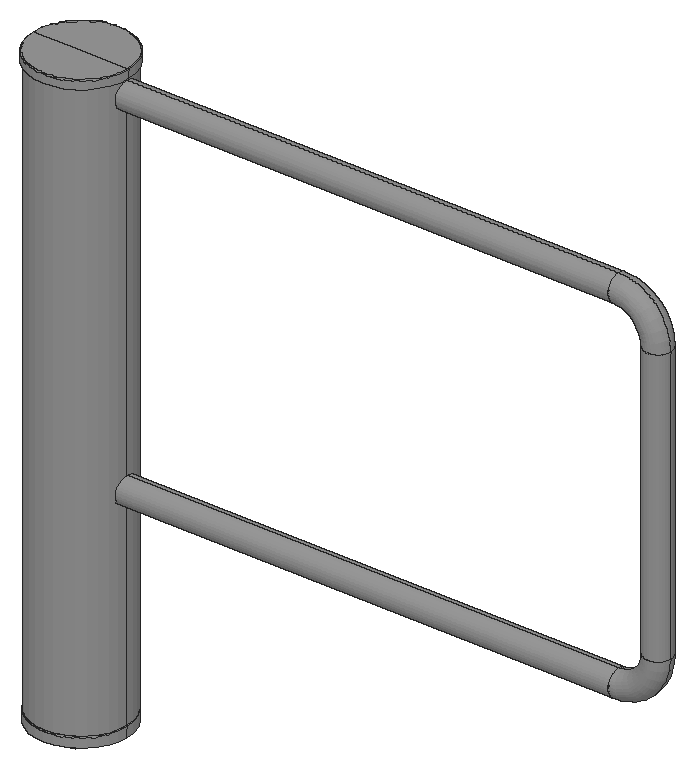
Revit family "Charon HSD-E01", category Türen, Revit 2016
Family settings
  Arbeitsebenenbasiert = Nein
  Immer vertikal = Ja
  Beim Laden mit Abzugskörper schneiden = Nein
  Gemeinsam genutzt = Nein
  Raumberechnungspunkt = Nein
Parameters (values of type "Charon HSD-E01 900")
  Youtube clip = ""
  YearOfConstruction = ""
  Uniformat II Description = ""
  Uniformat II Code = ""
  Uniclass 2015 Name = ""
  Uniclass 2015 Code = ""
  Uniclass 2.0 Description = ""
  Uniclass 2.0 Code = ""
  Uniclass 1.4 Description = ""
  Uniclass 1.4 Code = ""
  URL = "http://www.kaba.com/physical-access-systems/en/solutions/1092424/swing-doors.html"
  UNSPSC Code = ""
  Type = "Charon HSD-E01"
  Technical description = "http://www.kaba.com/physical-access-systems/media/867268/v7/File/product-brochure-hsd-pgb-and-crp.pdf"
  StandardUsed = "1"
  Product certification = ""
  Product SKU = "Charon_HSD-E01"
  OmniClass Description = ""
  OmniClass Code = ""
  Nominal width = 970
  Nominal height = 900
  NBS Reference Description = ""
  NBS Reference Code = ""
  Material secondary = ""
  Material main = "Metal"
  Masterformat 2014 Description = ""
  Masterformat 2014 Code = ""
  Manufacturer name = "DORMA"
  Manufacturer country = "Germany"
  Manufacturer = "Kaba GmbH"
  Installation instructions = ""
  IFC Classification = ""
  HasGlass = no
  Edition number = 1
  EAN code = ""
  Design country = "Germany"
  Date of publishing = "1/16/2017"
  COBIe Type Category = ""
  BarrierHeight = 900 mm
  Analytische Konstruktion = "<Keine Auswahl>"
  AccessWidth = 900 mm
Types (3, lengths in mm): name | HasGlass | BarrierHeight | AccessWidth
  Charon HSD-E01 900 | no | 900 | 900
  Charon HSD-E01 1000 | yes | 1000 | 900
  Charon HSD-E01 1100 | yes | 1100 | 1000
Reference planes
  plane 1 "Mitte (Vorne/Hinten)": y = 0
  plane 2: z = 0
  plane 3 "Mitte (Links/Rechts)": x = 0
  plane 4: z = 340
  plane 5 "Barriere": z = 880
  plane 6: x = 880
  plane 7: z = 900
  plane 8: x = 900
Forms (mm)
  Revolve 1, solid, material "1.4401 - A4"
    sketch origin (0, 0, 0) x (1, 0, 0) y (0, 0, 1)
      loop
        line (0, 916) -> (-72, 916)
        arc (-72, 916) -> (-72.707, 915.707) -> (-73, 915) r 1
        line (-73, 915) -> (-73, 903) -> (-70, 903) -> (-70, 18) -> (-65, 18) -> (-65, 17) -> (-69.5, 17)
        arc (-69.5, 17) -> (-70.207, 16.707) -> (-70.5, 16) r 1
        line (-70.5, 16) -> (-70.5, 1.5) -> (-68, 1.5) -> (-68, 0) -> (0, 0) -> (0, 916)
      axis (0, 0) -> (0, 916)
    angle from 0 to 360
  Sweep 2, solid, material "1.4401 - A4"
    path origin (0, 0, 0) x (1, 0, 0) y (0, 0, 1)
      loop
        line (65, 880) -> (820, 880)
        arc (820, 880) -> (862.426, 862.426) -> (880, 820) r 60
        line (880, 820) -> (880, 400)
        arc (880, 400) -> (862.426, 357.574) -> (820, 340) r 60
        line (820, 340) -> (65, 340)
    profile origin (820, 0, 880) x (0, 0, -1) y (0, -1, 0)
      loop
        circle (0, 0) r 20
  Extrusion 3, solid, visible <- "HasGlass"
    sketch origin (0, 0, 0) x (1, 0, 0) y (0, 0, 1)
      loop
        line (815, 857.5) -> (115, 857.5) -> (115, 362.5) -> (815, 362.5) -> (815, 857.5)
    from -3 to 3
  Sweep 4, solid, material "Zellkautschuk - EPDM", visible <- "HasGlass"
    path in 3D
      loop
        line (115, -3, 362.5) -> (815, -3, 362.5)
    profile origin (465, -3, 362.5) x (0, -1, 0) y (0, 0, -1)
      loop
        arc (6.682, 5) -> (-3, 2.5) -> (-12.682, 5) r 20
        line (-12.682, 5) -> (-6, -2) -> (-6, 0) -> (0, 0) -> (0, -2) -> (6.682, 5)
  Sweep 5, solid, material "Zellkautschuk - EPDM", visible <- "HasGlass"
    path in 3D
      loop
        line (815, -3, 857.5) -> (115, -3, 857.5)
    profile origin (465, -3, 857.5) x (0, -1, 0) y (0, 0, 1)
      loop
        line (-12.682, 5) -> (-6, -2) -> (-6, 0) -> (0, 0) -> (0, -2) -> (6.682, 5)
        arc (6.682, 5) -> (-3, 2.5) -> (-12.682, 5) r 20
  Extrusion 6, solid, material "Vorgabe", visible <- "HasGlass"
    sketch origin (0, 0, 0) x (1, 0, 0) y (0, 0, 1)
      loop
        line (730.2, 403.45) -> (730.2, 395.45) -> (732.39, 395.45) -> (734.59, 397.893) -> (736.79, 395.45) -> (739.836, 395.45) -> (742.939, 401.41) -> (745, 397.45) -> (741.441, 397.45) -> (740.4, 395.45) -> (757.8, 395.45) -> (760.829, 401.269) -> (762.817, 397.45) -> (759.405, 397.45) -> (758.364, 395.45) -> (766, 395.45) -> (761.835, 403.45) -> (759.823, 403.45) -> (756.656, 397.367) -> (754.038, 399.45) -> (756.6, 401.488) -> (756.6, 403.45) -> (747.2, 403.45) -> (747.2, 397.339) -> (744.019, 403.45) -> (741.859, 403.45) -> (738.398, 396.802) -> (736.003, 399.463) -> (739.593, 403.45) -> (736.902, 403.45) -> (732.4, 398.45) -> (732.4, 403.45) -> (730.2, 403.45)
      loop
        line (749.4, 401.45) -> (749.4, 397.45) -> (753.5, 397.45) -> (750.986, 399.45) -> (753.5, 401.45) -> (749.4, 401.45)
      loop
        circle (765.004, 402.489) r 0.963
    from -0.1 to 0.1
Lines and regions (mm)
  sketch lines
    curve 1: line (115, -3, 362.5) -> (815, -3, 362.5)
    curve 2: line (815, -3, 857.5) -> (115, -3, 857.5)
Dimensions and locks
  locked: Extrusion 3 sketch curve to plane 5 "Barriere" at 22.5
  locked: plane 4 to Extrusion 3 sketch curve at 22.5
  locked: plane 2 to plane 4 at 340
  "BarrierHeight": plane 2 to plane 7
  locked: plane 5 "Barriere" to plane 7 at 20
  plane 8 to plane 6 to plane 3 "Mitte (Links/Rechts)" = 20 mm, 880 mm
  plane 4 to plane 5 "Barriere" = 540 mm
  "AccessWidth": plane 3 "Mitte (Links/Rechts)" to plane 8
  aligned and locked: level to plane 2
  aligned and locked: Sweep 5 sketch curve to Sweep 2
Automatic sketch dimensions
  Revolve 1 sketch curve to level = 0 mm
  Revolve 1 sketch curve to plane 3 "Mitte (Links/Rechts)" = 0 mm  (x2)
  level to Revolve 1 sketch curve = 17 mm
  Revolve 1 sketch curve to plane 3 "Mitte (Links/Rechts)" = 65 mm
  level to Revolve 1 sketch curve = 1.5 mm
  Revolve 1 sketch curve to Revolve 1 sketch curve = 3 mm  (x2)
  Revolve 1 sketch curve to Revolve 1 sketch curve = 4.5 mm
  Revolve 1 sketch curve to Revolve 1 sketch curve = 0.5 mm
  Revolve 1 sketch curve to Revolve 1 sketch curve = 2.5 mm
  Revolve 1 sketch curve to Revolve 1 sketch curve = 2 mm
  Revolve 1 sketch curve to Revolve 1 sketch curve = 1 mm
  plane 7 to Revolve 1 sketch curve = 3 mm
  Revolve 1 sketch curve to Revolve 1 sketch curve = 12 mm
  Revolve 1 sketch curve to level = 381 mm
  Revolve 1 sketch curve to Revolve 1 sketch curve = 503.011 mm
  Sweep 2 sketch curve to plane 4 = 0 mm
  Sweep 2 sketch curve to plane 5 "Barriere" = 0 mm
  Sweep 2 sketch curve to plane 6 = 0 mm
  Sweep 2 sketch curve to Sweep 2 sketch curve = 60 mm
  Sweep 2 sketch curve to plane 4 = 60 mm
  plane 3 "Mitte (Links/Rechts)" to Sweep 2 sketch curve = 65 mm  (x2)
  Sweep 2 sketch curve to plane 1 "Mitte (Vorne/Hinten)" = 0 mm
  Sweep 2 sketch curve to profile plane = 0 mm
  plane 3 "Mitte (Links/Rechts)" to Extrusion 3 sketch curve = 115 mm
  Extrusion 3 sketch curve to plane 6 = 65 mm
  profile plane to Sweep 4 sketch curve = 0 mm
  Sweep 4 sketch curve to profile plane = 0 mm
  profile plane to Sweep 4 sketch curve = 3 mm
  Sweep 4 sketch curve to profile plane = 2 mm  (x2)
  profile plane to Sweep 4 sketch curve = 6 mm
  profile plane to Sweep 4 sketch curve = 5 mm  (x2)
  Sweep 4 sketch curve to Sweep 4 sketch curve = 6.682 mm
  Sweep 4 sketch curve to Sweep 4 sketch curve = 17.5 mm
  Sweep 5 sketch curve to profile plane = 0 mm  (x2)
  Sweep 5 sketch curve to Sweep 5 sketch curve = 6 mm
  profile plane to Sweep 5 sketch curve = 5 mm  (x2)
  Sweep 5 sketch curve to profile plane = 2 mm  (x2)
  Extrusion 6 sketch curve to plane 4 = 63.45 mm  (x3)
  Extrusion 6 sketch curve to plane 6 = 149.8 mm
  Extrusion 6 sketch curve to plane 4 = 55.45 mm  (x4)
  Extrusion 6 sketch curve to Extrusion 6 sketch curve = 2.19 mm  (x2)
  Extrusion 6 sketch curve to Extrusion 6 sketch curve = 2.2 mm  (x3)
  Extrusion 6 sketch curve to plane 4 = 57.893 mm
  Extrusion 6 sketch curve to plane 4 = 59.463 mm
  Extrusion 6 sketch curve to Extrusion 6 sketch curve = 1.413 mm
  Extrusion 6 sketch curve to Extrusion 6 sketch curve = 0.899 mm
  Extrusion 6 sketch curve to plane 4 = 56.802 mm
  Extrusion 6 sketch curve to Extrusion 6 sketch curve = 1.608 mm
  Extrusion 6 sketch curve to Extrusion 6 sketch curve = 2.691 mm
  Extrusion 6 sketch curve to Extrusion 6 sketch curve = 1.438 mm
  Extrusion 6 sketch curve to Extrusion 6 sketch curve = 0.564 mm  (x2)
  Extrusion 6 sketch curve to Extrusion 6 sketch curve = 1.041 mm  (x2)
  Extrusion 6 sketch curve to Extrusion 6 sketch curve = 2.266 mm
  Extrusion 6 sketch curve to plane 4 = 61.41 mm
  Extrusion 6 sketch curve to Extrusion 6 sketch curve = 1.08 mm
  Extrusion 6 sketch curve to Extrusion 6 sketch curve = 2.16 mm
  Extrusion 6 sketch curve to plane 4 = 57.45 mm  (x3)
  Extrusion 6 sketch curve to Extrusion 6 sketch curve = 3.559 mm
  Extrusion 6 sketch curve to Extrusion 6 sketch curve = 3.181 mm
  Extrusion 6 sketch curve to plane 4 = 59.45 mm  (x2)
  Extrusion 6 sketch curve to Extrusion 6 sketch curve = 1.586 mm
  Extrusion 6 sketch curve to Extrusion 6 sketch curve = 2.514 mm  (x2)
  Extrusion 6 sketch curve to Extrusion 6 sketch curve = 0.538 mm
  Extrusion 6 sketch curve to plane 4 = 61.488 mm
  Extrusion 6 sketch curve to Extrusion 6 sketch curve = 3.1 mm
  Extrusion 6 sketch curve to plane 4 = 57.367 mm
  Extrusion 6 sketch curve to Extrusion 6 sketch curve = 3.156 mm
  Extrusion 6 sketch curve to Extrusion 6 sketch curve = 1.144 mm
  Extrusion 6 sketch curve to Extrusion 6 sketch curve = 3.223 mm
  Extrusion 6 sketch curve to Extrusion 6 sketch curve = 1.006 mm
  Extrusion 6 sketch curve to Extrusion 6 sketch curve = 2.013 mm
  Extrusion 6 sketch curve to Extrusion 6 sketch curve = 3.412 mm
  Extrusion 6 sketch curve to Extrusion 6 sketch curve = 3.168 mm
  Extrusion 6 sketch curve to Extrusion 6 sketch curve = 3.183 mm
  Extrusion 6 sketch curve to Extrusion 6 sketch curve = 0.111 mm
  Extrusion 6 sketch curve to Extrusion 6 sketch curve = 0.557 mm
  Extrusion 6 sketch curve to Extrusion 6 sketch curve = 3.819 mm
  Extrusion 6 sketch curve to Extrusion 6 sketch curve = 2 mm
  Extrusion 6 sketch curve to Extrusion 6 sketch curve = 1.22 mm
  Extrusion 6 sketch curve to Extrusion 6 sketch curve = 1.962 mm
  Extrusion 6 sketch curve to Extrusion 6 sketch curve = 2.181 mm
  radius of Sweep 2 sketch curve = 20 mm
  radius of Extrusion 6 sketch curve = 0.963 mm
